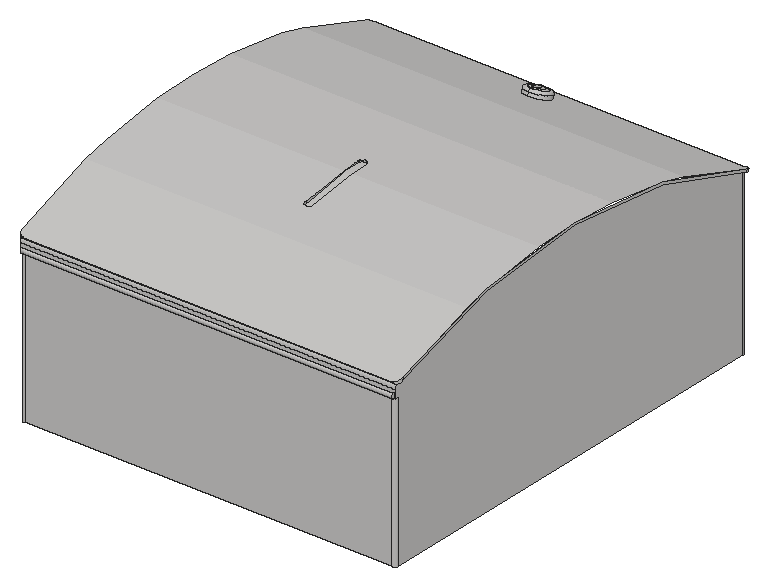
Revit family "PRD_AR_TltRllHldrs_STRATOSJumboRollHolder_STR670", category Specialty Equipment, host Face, Revit 2020
Family settings
  Host = Face
  Round Connector Dimension = Use Diameter
  Part Type = Normal
  OmniClass Number = 23.40.20.21.17
  OmniClass Title = Paper Towel Dispensers, Disposal Units
  Cut with Voids When Loaded = No
  Shared = No
  Room Calculation Point = No
Parameters (values of type "STR670")
  WarrantyStartDate [instance] = "1900-12-31T23:59:59"
  WarrantyGuarantorParts = "n/a"
  WarrantyGuarantorLabor = "n/a"
  WarrantyDurationUnit = "year"
  WarrantyDurationParts = "n/a"
  WarrantyDurationLabor = "n/a"
  WarrantyDescription = "n/a"
  Version = "1"
  Uniclass2015Version = "Products v1.10"
  Uniclass2015Title = "Toilet roll holders"
  Uniclass2015Code = "Pr_40_20_76_88"
  URL = "www.kwc-professional.com"
  TypeOfMounting = "Wall mounting"
  TypeOfFixing = "Screw"
  TagNumber [instance] = "n/a"
  SustainabilityPerformance = "n/a"
  Style = "roll holder"
  Spindle = "Yes"
  Size = "304 x 355 x 170 mm"
  Shape = "n/a"
  SerialNumber [instance] = "n/a"
  RollHolderMaterial = PRD_AR_StainlessSteel_SatinFinished
  Revision = "n/a"
  ReplacementCost = "n/a"
  ProductInformation = "http://pim.kwc.com/product/3600008884/attachment/datasheet?locale=en"
  NominalWidth = 304 mm
  NominalHeight = 355 mm
  NominalDepth = 170 mm
  NetWeight = 4.37 kg
  Name = "STRATOS Jumbo roll holder STR670"
  NBSTypeID = "n/a"
  NBSReference = "45-35-72/368"
  NBSOfficeMasterTag = "n/a"
  NBSNote = "n/a"
  NBSDescription = "Toilet roll holders"
  NBSCertification = "n/a"
  ModelReference = "STR670"
  ModelNumber = "3600008884"
  Model = ModelReference  # "STR670"
  MaximumWidthOfConsumable = "105.00 mm"
  MaximumDepthDiameterOfConsumable = "295.00 mm"
  MaterialThickness = "1.50 mm"
  MaterialCode = "1.4301"
  Material = "stainless steel"
  ManufacturerURL = "www.kwc-professional.com"
  ManufacturerName = "KWC Group Management AG"  # constant formula
  Manufacturer = ManufacturerName  # "KWC Group Management AG"
  MainColor = "stainless steel"
  Lock = "Key-lock"
  IsBuiltIn = "TRUE"
  IntegralAccessories = "incl. stainless steel screws and dowels"
  InstallationDate [instance] = "1900-12-31T23:59:59"
  IfcExportType = "USERDEFINED"
  IfcExportAs = "IfcFurnitureType"
  GrossWeight = 5.06 kg
  Grade = "n/a"
  Finish = "satin finished"
  FillingQuantityUom = "Rolls"
  FillingQuantity = "1"
  Features = "stainless steel, surface satin finished"
  ExpectedLife = "n/a"
  DurationUnit = "year"
  Description = "STRATOS jumbo toilet roll holder for wall mounting, stainless steel, surface satin finished, material thickness 1.5 mm, closed casing with curved front and inspection window, paper dispenser with two serrated tear-off edges, cylinder lock with key, for one large roll with maximum diameter 295 mm and maximum depth 105 mm, including mounting material."
  Default Elevation = 850 mm
  CreatedOn = "09/2024"  # constant formula
  Constituents = "n/a"
  Color = "n/a"
  CodePerformance = "n/a"
  Category = "Pr_40_20_76_88, Toilet roll holders"
  BarCode [instance] = "n/a"
  BIMObjectName = "PRD_AR_ToiletRollHolders_STRATOSJumboRollHolder_STR670"
  Author = "Archispace"  # constant formula
  AssetType = "Fixed"
  AssetIdentifier [instance] = "n/a"
  AccessibilityPerformance = "n/a"
Reference planes
  plane 1 "Center (Front/Back)": y = 0
  plane 2: z = 0
  plane 3 "Center (Left/Right)": x = 0
Dimensions and locks
  aligned and locked: plane 2 to host face
  aligned and locked: level to host face
Nested families
  nested 1: "STRX619" at (0, 0, 0), type "STRX619"
Definition of nested family "STRX619"
  Parameters (values of type "STRX619")
    Material = none
    Default Elevation = 1219.2 mm
  Reference planes
    plane 1 "Center (Front/Back)": y = 0
    plane 2: z = 0
    plane 3 "Center (Left/Right)": x = 0
  Forms (mm)
    Extrusion 1, solid
      sketch origin (0, 0, 0) x (1, 0, 0) y (0, 1, 0)
        loop
          line (-250, 320) -> (-250, -321.369) -> (248.602, -321.369) -> (248.602, 320) -> (-250, 320)
      from 0 to -60
    Extrusion 2, solid, material <- "Material", detail levels fine
      sketch origin (0, 0, 0) x (0, 1, 0) y (0, 0, 1)
        loop
          line (-175.684, 0) -> (174.316, 0) -> (174.316, 130.789)
          arc (174.316, 130.789) -> (0.944, 168.622) -> (-172.715, 132.127) r 423.646
          arc (-172.715, 132.127) -> (-174.877, 130.282) -> (-175.684, 127.557) r 5
          line (-175.684, 127.557) -> (-175.684, 0)
      from -150 to 150
    Extrusion 3, solid, material <- "Material", detail levels fine
      sketch origin (0, 0, 0) x (0, 1, 0) y (0, 0, 1)
        loop
          arc (-175.302, 130.967) -> (0.835, 168.622) -> (176.696, 129.7) r 423.646
          line (176.696, 129.7) -> (177.307, 131.07)
          arc (177.307, 131.07) -> (0.831, 170.122) -> (-175.92, 132.333) r 425.146
          line (-175.92, 132.333) -> (-175.302, 130.967)
      from -152 to 152
    Extrusion 4, void
      sketch origin (0, 0, 0) x (1, 0, 0) y (0, 1, 0)
        loop
          line (-3.502, -21.61) -> (-3.502, -74.025)
          arc (-3.502, -74.025) -> (-0.002, -77.525) -> (3.498, -74.025) r 3.5
          line (3.498, -74.025) -> (3.498, -21.61)
          arc (3.498, -21.61) -> (-0.002, -18.11) -> (-3.502, -21.61) r 3.5
      from 149.256 to 199.541
    Extrusion 5, void
      sketch origin (0, 0, 0) x (1, 0, 0) y (0, 1, 0)
        loop
          line (-152, 179.034) -> (-152, 172.307)
          arc (-152, 172.307) -> (-150.536, 175.843) -> (-147, 177.307) r 5
          line (-147, 177.307) -> (-147, 179.034) -> (-152, 179.034)
        loop
          line (152, 179.034) -> (147, 179.034) -> (147, 177.307)
          arc (147, 177.307) -> (150.536, 175.843) -> (152, 172.307) r 5
          line (152, 172.307) -> (152, 179.034)
        loop
          line (-152, -177.646) -> (-147, -177.646) -> (-147, -175.92)
          arc (-147, -175.92) -> (-150.536, -174.455) -> (-152, -170.92) r 5
          line (-152, -170.92) -> (-152, -177.646)
        loop
          line (152, -177.646) -> (152, -170.92)
          arc (152, -170.92) -> (150.536, -174.455) -> (147, -175.92) r 5
          line (147, -175.92) -> (147, -177.646) -> (152, -177.646)
      from 124.39 to 140.153
    Sweep 6, void
      path in 3D
        loop
          line (-150, -175.684, 0) -> (-150, -175.684, 120.691)
      profile origin (-150, -175.684, 60.345) x (0, 1, 0) y (-1, 0, 0)
        loop
          line (0, 0) -> (0, -3.2)
          arc (0, -3.2) -> (0.937, -0.937) -> (3.2, 0) r 3.2
          line (3.2, 0) -> (0, 0)
    Sweep 7, void
      path in 3D
        loop
          line (150, -175.684, 120.691) -> (150, -175.684, 0)
      profile origin (150, -175.684, 60.345) x (1, 0, 0) y (0, 1, 0)
        loop
          line (0, 0) -> (0, 3.2)
          arc (0, 3.2) -> (-0.937, 0.937) -> (-3.2, 0) r 3.2
          line (-3.2, 0) -> (0, 0)
    Sweep 8, void
      path in 3D
        loop
          line (-150, 174.316, 142.805) -> (-150, 174.316, 0)
      profile origin (-150, 174.316, 71.402) x (-1, 0, 0) y (0, -1, 0)
        loop
          line (0, 0) -> (0, 3.2)
          arc (0, 3.2) -> (-0.937, 0.937) -> (-3.2, 0) r 3.2
          line (-3.2, 0) -> (0, 0)
        loop
          line (-300, 0) -> (-296.8, 0)
          arc (-296.8, 0) -> (-299.063, 0.937) -> (-300, 3.2) r 3.2
          line (-300, 3.2) -> (-300, 0)
    Extrusion 9, solid, material <- "Material", detail levels fine
      sketch origin (0, 0, 0) x (0, 1, 0) y (0, 0, 1)
        loop
          line (-175.684, 120.411) -> (-175.684, 124.39)
          arc (-175.684, 124.39) -> (-177.482, 122.401) -> (-175.684, 120.411) r 2
      from -148.5 to 148.5
    Revolve 10, solid, material <- "Material", detail levels fine
      sketch origin (0, -36.351, 87.739) x (0, 0.971304, -0.237842) y (0, 0.237842, 0.971304)
        loop
          line (171.319, 97.098) -> (181.213, 95.826) -> (181.551, 98.455)
          arc (181.551, 98.455) -> (181.15, 99.932) -> (179.822, 100.694) r 2
          line (179.822, 100.694) -> (178.077, 100.918)
          arc (178.077, 100.918) -> (177.761, 101.327) -> (177.282, 101.524) r 1
          line (177.282, 101.524) -> (171.976, 102.206) -> (171.319, 97.098)
        axis (171.319, 97.098) -> (171.976, 102.206)
      angle from 0 to 360
    Revolve 11, solid, material <- "Material", detail levels medium
      sketch origin (0, -52.801, -10.542) x (0, 0.971304, -0.237842) y (0, 0.237842, 0.971304)
        loop
          line (163.922, 196.471) -> (173.815, 195.199) -> (174.472, 200.307) -> (164.578, 201.579) -> (163.922, 196.471)
        axis (163.922, 196.471) -> (164.578, 201.579)
      angle from 0 to 360
    Extrusion 12, solid, material <- "Material", detail levels medium
      sketch origin (0, 0, 0) x (0, 1, 0) y (0, 0, 1)
        loop
          line (-175.684, 0) -> (174.316, 0) -> (174.316, 130.789)
          arc (174.316, 130.789) -> (0.944, 168.622) -> (-172.715, 132.127) r 423.646
          arc (-172.715, 132.127) -> (-174.877, 130.282) -> (-175.684, 127.557) r 5
          line (-175.684, 127.557) -> (-175.684, 0)
      from -150 to 150
    Extrusion 13, solid, material <- "Material", detail levels medium
      sketch origin (0, 0, 0) x (0, 1, 0) y (0, 0, 1)
        loop
          arc (-175.302, 130.967) -> (0.835, 168.622) -> (176.696, 129.7) r 423.646
          line (176.696, 129.7) -> (177.307, 131.07)
          arc (177.307, 131.07) -> (0.831, 170.122) -> (-175.92, 132.333) r 425.146
          line (-175.92, 132.333) -> (-175.302, 130.967)
      from -152 to 152
    Extrusion 14, solid, material <- "Material", detail levels coarse
      sketch origin (0, 0, 0) x (0, 1, 0) y (0, 0, 1)
        loop
          line (174.316, 0) -> (174.316, 170.125) -> (-175.684, 170.125) -> (-175.684, 0) -> (174.316, 0)
      from -152 to 152
  Cuts and joins
    Extrusion 4, Extrusion 5 cuts Extrusion 3
    Sweep 6, Sweep 7, Sweep 8 cuts Extrusion 2
  Lines and regions (mm)
    sketch lines
      curve 1: line (-150, -175.684, 0) -> (-150, -175.684, 120.691)
      curve 2: line (-150, 174.316, 142.805) -> (-150, 174.316, 0)
      curve 3: line (150, -175.684, 120.691) -> (150, -175.684, 0)
  Dimensions and locks
    aligned and locked: plane 2 to Extrusion 1
    aligned and locked: level to Extrusion 1
